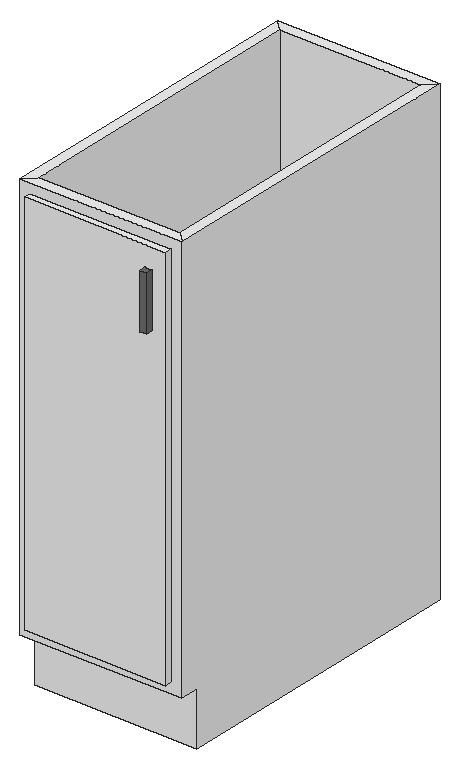
Revit family "M_Armário base-Porta simples com gavetas deslizantes", category Componentes de gabinete, Revit 2019
Family settings
  Número OmniClass = 23.40.35.17.47.11
  Título OmniClass = Kitchen Casework
  ID de item do Seek = Base Cabinet-Single Door w Sliding Drawers-0000-CAN-ENU
  Com base no plano de trabalho = Não
  Sempre na vertical = Sim
  Corte com vazios quando carregada = Não
  Compartilhado = Não
  Ponto de cálculo do ambiente = Não
Parameters (values of type "0300mm")
  Material do armário = none
  Linear = 600 mm
  Material da porta/gaveta = none
  Material do puxador = Armários - Puxadores
  Altura = 860 mm
  Profundidade da plataforma = 35 mm
  Altura do plinto = 100 mm
  Largura = 300 mm
Reference planes
  plane 1 "Parte posterior": y = 0
  plane 2: z = 0
  plane 3 "Centro": x = 18.738
  plane 4 "Esquerda": x = -131.262
  plane 5 "Direita": x = 168.738
  plane 6 "Parte frontal": y = -600
  plane 7 "Superior": z = 860
  plane 8: y = -565
  plane 9: z = 100
  plane 10: z = 840.95
  plane 11: z = 119.05
  plane 12: x = -112.212
  plane 13: x = 149.688
  plane 14: z = 802.85
  plane 15: z = 701.25
  plane 16: x = 124.288
  plane 17: x = 111.588
  plane 18: z = 480
Forms (mm)
  Extrusion 1, solid, material <- "Material do armário"
    sketch origin (0, 0, 0) x (1, 0, 0) y (0, 1, 0)
      loop
        line (-131.262, 0) -> (-131.262, -565) -> (168.738, -565) -> (168.738, 0) -> (-131.262, 0)
    from 0 to 100
  Sweep 2, solid, material <- "Material do armário"
    path origin (0, 0, 0) x (1, 0, 0) y (0, 1, 0)
      loop
        line (168.738, 0) -> (-131.262, 0) -> (-131.262, -600) -> (168.738, -600) -> (168.738, 0)
    profile origin (0, -300, 0) x (1, 0, 0) y (0, 0, 1)
      loop
        line (168.738, 100) -> (168.738, 860) -> (149.688, 860) -> (149.688, 100) -> (168.738, 100)
  Extrusion 3, solid, material <- "Material do armário"
    sketch origin (0, 0, 0) x (1, 0, 0) y (0, 1, 0)
      loop
        line (-112.212, -19.05) -> (-112.212, -580.95) -> (149.688, -580.95) -> (149.688, -19.05) -> (-112.212, -19.05)
    from 119.05 to 100
  Extrusion 4, solid, material <- "Material da porta/gaveta"
    sketch origin (0, -600, 0) x (1, 0, 0) y (0, 0, 1)
      loop
        line (-112.212, 840.95) -> (-112.212, 119.05) -> (149.688, 119.05) -> (149.688, 840.95) -> (-112.212, 840.95)
    from 0 to 12.7
  Extrusion 5, solid, material "Armários - Puxadores" <- "Material do puxador"
    sketch origin (0, -600, 0) x (1, 0, 0) y (0, 0, 1)
      loop
        line (111.588, 802.85) -> (111.588, 701.25) -> (124.288, 701.25) -> (124.288, 802.85) -> (111.588, 802.85)
    from 12.7 to 25.4
Cuts and joins
  joined: Extrusion 1, Sweep 2
Lines and regions (mm)
  Masking region 1
    outline origin (0, 0, 0) x (1, 0, 0) y (0, 1, 0)
      loop
        line (-131.262, 0) -> (-131.262, -600) -> (168.738, -600) -> (168.738, 0) -> (-131.262, 0)
  model lines
    curve 1: line (-112.212, -600, 840.95) -> (149.688, -600, 840.95)
    curve 2: line (149.688, -600, 119.05) -> (-112.212, -600, 119.05)
    curve 3: line (149.688, -600, 840.95) -> (149.688, -600, 119.05)
    curve 4: line (-112.212, -600, 119.05) -> (-112.212, -600, 840.95)
    curve 5: line (111.588, -600, 802.85) -> (124.288, -600, 802.85)
    curve 6: line (111.588, -600, 701.25) -> (111.588, -600, 802.85)
    curve 7: line (124.288, -600, 701.25) -> (111.588, -600, 701.25)
    curve 8: line (124.288, -600, 802.85) -> (124.288, -600, 701.25)
  symbolic lines, style "Giro da elevação"
    curve 9: line (149.688, 0, 840.95) -> (-112.212, 0, 480)
    curve 10: line (-112.212, 0, 480) -> (149.688, 0, 119.05)
Dimensions and locks
  "Linear": plane 6 "Parte frontal" to plane 1 "Parte posterior"
  "Largura": plane 4 "Esquerda" to plane 5 "Direita"
  equal spacing: plane 4 "Esquerda", plane 3 "Centro", plane 5 "Direita"
  "Altura": level to plane 7 "Superior"
  "Altura do plinto": plane 2 to plane 9
  "Profundidade da plataforma": plane 6 "Parte frontal" to plane 8
  locked: plane 4 "Esquerda" to plane 12 at 19.05
  locked: plane 13 to plane 5 "Direita" at 19.05
  locked: plane 7 "Superior" to plane 10 at 19.05
  locked: plane 11 to plane 9 at 19.05
  locked: plane 14 to plane 15 at 101.6
  plane 17 to plane 16 to plane 13 = 12.7 mm locked, 25.4 mm locked
  locked: plane 10 to plane 14 at 38.1
  equal spacing: plane 10, plane 18, plane 11
  aligned and locked: plane 1 "Parte posterior" to Extrusion 1 sketch curve
  aligned and locked: Extrusion 1 sketch curve to plane 5 "Direita"
  aligned and locked: Extrusion 1 sketch curve to plane 8
  aligned and locked: plane 4 "Esquerda" to Extrusion 1 sketch curve
  aligned and locked: Extrusion 1 to level
  aligned and locked: Sweep 2 sketch curve to plane 6 "Parte frontal"
  aligned and locked: plane 1 "Parte posterior" to Sweep 2 sketch curve
  aligned and locked: Sweep 2 sketch curve to plane 5 "Direita"  (x2)
  aligned and locked: plane 4 "Esquerda" to Sweep 2 sketch curve
  aligned and locked: plane 7 "Superior" to Sweep 2 sketch curve
  aligned and locked: Sweep 2 sketch curve to plane 9
  aligned and locked: Sweep 2 to Extrusion 3 sketch curve  (x2)
  aligned and locked: Extrusion 3 sketch curve to Sweep 2  (x2)
  aligned and locked: Extrusion 3 to plane 11
  aligned and locked: plane 9 to Extrusion 3
  aligned and locked: Extrusion 1 to plane 9
  aligned and locked: plane 1 "Parte posterior" to Masking region 1 sketch curve
  aligned and locked: plane 4 "Esquerda" to Masking region 1 sketch curve
  aligned and locked: Masking region 1 sketch curve to plane 5 "Direita"
  aligned and locked: Masking region 1 sketch curve to plane 6 "Parte frontal"
Automatic sketch dimensions
  profile plane to Sweep 2 sketch curve = 19.05 mm
  Extrusion 4 sketch curve to plane 11 = 0 mm
  Extrusion 4 sketch curve to plane 12 = 0 mm
  Extrusion 4 sketch curve to plane 13 = 0 mm
  Extrusion 4 sketch curve to plane 10 = 0 mm
  Extrusion 5 sketch curve to plane 15 = 0 mm
  Extrusion 5 sketch curve to plane 17 = 0 mm
  Extrusion 5 sketch curve to plane 16 = 0 mm
  Extrusion 5 sketch curve to plane 14 = 0 mm
  curve 9 to plane 10 = 0 mm
  curve 9 to plane 13 = 0 mm
  curve 1 to plane 10 = 0 mm
  curve 1 to plane 13 = 0 mm
  curve 10 to plane 11 = 0 mm
  curve 10 to plane 13 = 0 mm
  curve 8 to plane 15 = 0 mm
  curve 8 to plane 16 = 0 mm
  curve 6 to plane 14 = 0 mm
  curve 6 to plane 17 = 0 mm
  curve 4 to plane 12 = 0 mm
  curve 10 to plane 12 = 0 mm
  curve 9 to plane 18 = 0 mm
  curve 2 to plane 11 = 0 mm
